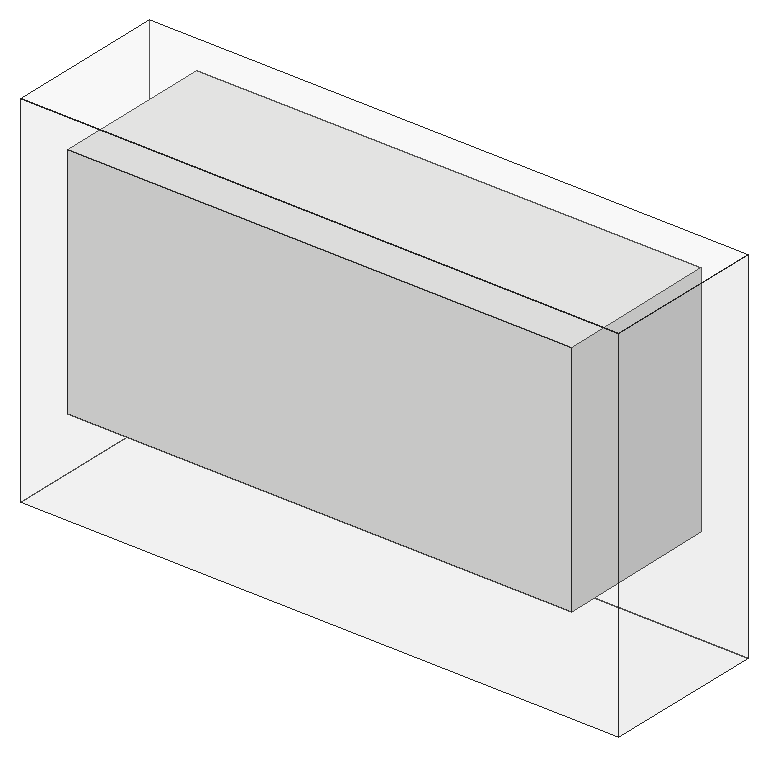
Revit family "vl-10(e)s(r)3-d_60Hz", category 機械設備, Revit 2019
Family settings
  丸型コネクタ寸法 = 直径を使用
  パーツ タイプ = 標準
  OmniClass 番号 = 23.75.35.17.27
  OmniClass タイトル = Centrifugal Fans
  作業面ベース = いいえ
  常に垂直 = はい
  ロード時にボイドで切り取り = いいえ
  共有 = いいえ
  部屋計算ポイント = いいえ
Parameters (values of type "VL-10ES3-D")
  騒音レベル(dB(A)) [instance] = 37.5
  風量 [instance] = 47.0 m³/h
  電源種別 [instance] = ""
  電圧 = 100 V
  電動機出力 = 0 W
  電動機_種別 [instance] = ""
  運転質量 = 0.00 kg
  連動 [instance] = ""
  質量 = if(製品質量 > 運転質量, 製品質量, 運転質量) * 1.2  # 6.00 kg
  負荷分類 = 3_ファン類
  説明 = "換気空清機ロスナイ 寒冷地仕様 壁掛1パイプ取付タイプ"
  設計風量 [instance] = 0.0 m³/h
  設置方法 = "壁付"
  記号 [instance] = ""
  製造元 = "三菱電機株式会社"
  製品質量 = 5.00 kg
  製品出荷対象 = "国内"
  製品リリース年月 = "2019年5月16日"
  製品グループ = ""
  系統 [instance] = ""
  符号 [instance] = ""
  積算_科目 = "2 換気設備"
  積算_拾い区分 [instance] = ""
  相 = 1
  盤記号 [instance] = ""
  発停方法 [instance] = ""
  特殊仕様 [instance] = ""
  温度交換効率 = 65.00%
  メンテナンススペース = yes
  火災停止 [instance] = ""
  消費電力 = 22.5 W
  法定耐用年数 = "15"
  機外静圧 [instance] = 0.0 Pa
  極数 = 2
  材質 [instance] = ""
  操作・制御方式 = ""
  操作・制御スイッチ = ""
  排気量 [instance] = 0.0 m³/h
  形式 = ""
  幹線記号 [instance] = ""
  対象室 [instance] = ""
  実風量 [instance] = 0.0 m³/h
  始動方式 [instance] = "直入"
  外気量 [instance] = 0.0 m³/h
  呼称 = ""
  周波数 = 60 Hz
  参照している仕様書等のバージョン = ""
  分類コード = "50052504100030"
  分類グループ = ""
  価格 = 46900
  企業コード = "108420"
  付属品_防振装置 = ""
  付属品 [instance] = ""
  仕様書バージョン = "Version1.0"
  モデル = "VL-10ES3-D"
  マテリアル = 合成樹脂(白)
  ファンの種類 = ""
  ダクト径 = 100 mm
  コメント [instance] = ""
  Keynote = ""
  Width = 522 mm
  W2 = if(Width / 2 < Depth, Width / 2, Depth)  # 168 mm
  W1 = 57 mm
  Version = ""
  Uniclass2015Version = "Systems v1.9"
  Uniclass2015Title = "Twin centrifugal fans"
  Uniclass2015Code = "Pr_65_67_29_89"
  URL = "https://www.mitsubishielectric.co.jp/ldg/wink/ssl/displayProduct.do?pid=300973"
  SpecificationReference = ""
  SpecificationDescription = ""
  SAサイズ_D = 114 mm
  Revision = ""
  ProductInformation = ""
  OmniClassCode = "23-33 31 19 13 13"
  MIN風量 = 26.0 m³/h
  MIN静圧 = 0.0 Pa
  MID風量 = 0.0 m³/h
  MID静圧 = 0.0 Pa
  MAX風量 = 47.0 m³/h
  MAX静圧 = 0.0 Pa
  IfcTypeProduct = ""
  IfcProduct = ""
  IfcExportType = "CENTRIFUGALBACKWARDINCLINEDCURVED"
  IfcExportAs = "IfcFanType"
  Height = 245 mm
  H1 = 40.5 mm
  EAサイズ_D = 114 mm
  Depth = 168 mm
  D1 = 28 mm
  Clearance Top = 30 mm
  Clearance Right = 49 mm
  Clearance Left = 49 mm
  Clearance Front = 0 mm
  Clearance Bottom = 100 mm
  Clearance Back = 0 mm
  Author = "三菱電機株式会社"
Types (3, lengths in mm): name | 消費電力 | 価格 | モデル | URL
  VL-10S3-D | 22.5 W | 42100 | "VL-10S3-D" | "https://www.mitsubishielectric.co.jp/ldg/wink/ssl/displayProduct.do?pid=300976"
  VL-10ES3-D | 22.5 W | 46900 | "VL-10ES3-D" | "https://www.mitsubishielectric.co.jp/ldg/wink/ssl/displayProduct.do?pid=300973"
  VL-10SR3-D | 23.5 W | 58900 | "VL-10SR3-D" | "https://www.mitsubishielectric.co.jp/ldg/wink/ssl/displayProduct.do?pid=300979"
Reference planes
  plane 1 "中心(正面/背面)": y = 0
  plane 2: z = 0
  plane 3 "中心(左/右)": x = 0
  plane 4: x = 310
  plane 5: y = 0
  plane 6: y = -168
  plane 7: x = -261
  plane 8: x = 261
  plane 9: y = -168
  plane 10: z = 152.5
  plane 11: z = -122.5
  plane 12: x = -310
  plane 13: z = -222.5
  plane 14: y = -84
  plane 15: z = 122.5
  plane 16: y = 28
  plane 17: z = -40.5
  plane 18: x = -130.5
  plane 19: x = 130.5
  plane 20: through (4267.2, -27.218, -39.548) normal (0, 0.0349, 0.9994)
Forms (mm)
  Extrusion 1, solid, material "合成樹脂(白)" <- "マテリアル", detail levels fine
    sketch origin (0, 0, 0) x (1, 0, 0) y (0, 1, 0)
      loop
        line (-261, 0) -> (-261, -168) -> (261, -168) -> (261, 0) -> (-261, 0)
    from -122.5 to 122.5
  Revolve 2, solid, material "合成樹脂(白)" <- "マテリアル", detail levels fine
    sketch origin (0, 0, 0) x (0, 1, 0) y (0, 0, 1)
      loop
        line (-4.86, -40.33) -> (-6.849, -97.296) -> (28, -98.513) -> (29.989, -41.547) -> (-4.86, -40.33)
      axis (-4.86, -40.33) -> (29.989, -41.547)
    angle from 0 to 360
Cuts and joins
  joined: Extrusion 1, Revolve 2
Lines and regions (mm)
  Masking region 1, detail levels coarse+medium
    outline origin (2279.921, -68.194, 0) x (1, 0, 0) y (0, 1, 0)
      loop
        line (-2540.921, 68.194) -> (-2540.921, -99.806) -> (-2018.921, -99.806) -> (-2018.921, 68.194) -> (-2540.921, 68.194)
  symbolic lines, detail levels coarse+medium
    curve 1: circle (130.5, -84, 0) r 84 normal (0, 0, 1)
    curve 2: circle (-130.5, -84, 0) r 84 normal (0, 0, 1)
Dimensions and locks
  equal spacing: plane 7, plane 3 "中心(左/右)", plane 8
  "Width": plane 7 to plane 8
  "Clearance Left": plane 12 to plane 7
  "Depth": plane 1 "中心(正面/背面)" to plane 9
  "Clearance Front": plane 9 to plane 6
  "Clearance Back": plane 5 to plane 1 "中心(正面/背面)"
  "Clearance Right": plane 8 to plane 4
  "Clearance Bottom": plane 11 to plane 13
  equal spacing: plane 1 "中心(正面/背面)", plane 14, plane 9
  "Height": plane 15 to plane 11
  "Clearance Top": plane 10 to plane 15
  equal spacing: plane 15, level, plane 11
  "D1": plane 16 to plane 1 "中心(正面/背面)"
  "H1": level to plane 17
  "W1": Revolve 2 sketch curve to Revolve 2 sketch curve
  equal spacing: plane 7, plane 18, plane 3 "中心(左/右)"
  equal spacing: plane 3 "中心(左/右)", plane 19, plane 8
  "W2": diameter of curve 2
  "W2": diameter of curve 1
  aligned and locked: level to plane 2
  aligned and locked: plane 8 to Extrusion 1
  aligned and locked: Extrusion 1 to plane 9
  aligned and locked: Extrusion 1 to plane 7
  aligned and locked: Extrusion 1 to plane 11
  aligned and locked: Extrusion 1 to plane 1 "中心(正面/背面)"
  aligned and locked: plane 15 to Extrusion 1
  aligned and locked: nested 1 to plane 6
  aligned and locked: nested 1 to plane 5
  aligned and locked: plane 12 to nested 1
  aligned and locked: plane 4 to nested 1
  aligned and locked: plane 13 to nested 1
  aligned and locked: plane 10 to nested 1
  aligned and locked: plane 17 to Revolve 2 sketch curve
  aligned and locked: Masking region 1 to plane 7
  aligned and locked: plane 8 to Masking region 1
  aligned and locked: Masking region 1 to plane 1 "中心(正面/背面)"
  aligned and locked: Masking region 1 to plane 9
Automatic sketch dimensions
  Extrusion 1 sketch curve to plane 3 "中心(左/右)" = 261 mm
  plane 3 "中心(左/右)" to Extrusion 1 sketch curve = 261 mm
  plane 1 "中心(正面/背面)" to Extrusion 1 sketch curve = 168 mm
  Extrusion 1 sketch curve to plane 1 "中心(正面/背面)" = 0 mm
  Masking region 1 sketch curve to plane 4 = 571 mm
  Masking region 1 sketch curve to Masking region 1 sketch curve = 522 mm
  plane 6 to Masking region 1 sketch curve = 0 mm
  plane 14 to Masking region 1 sketch curve = 84 mm
  curve 2 to plane 14 = 0 mm
  curve 2 to plane 18 = 0 mm
  curve 1 to plane 14 = 0 mm
  curve 1 to plane 19 = 0 mm
  Revolve 2 sketch curve to plane 1 "中心(正面/背面)" = 0 mm
  Revolve 2 sketch curve to plane 16 = 0 mm
  plane 16 to Revolve 2 sketch curve = 1.989 mm
  Revolve 2 sketch curve to plane 17 = 1.047 mm  (x2)
  plane 17 to Revolve 2 sketch curve = 0.17 mm
Nested families
  nested 1: "メンテナンススペース" at (0, -84, -35), visible <- "メンテナンススペース", type "メンテナンススペース"
    with Width 620 mm, Height 375 mm, Depth 168 mm
Connectors
  electrical at (0, 0, 0), driven by "極数", driven by "電圧", driven by "消費電力"
    settings: on Extrusion 1, index 1, voltage 100 V, apparent load 22.5 VA, apparent load phase1 0 VA, apparent load phase2 0 VA, apparent load phase3 0 VA, power factor 1, load classification "その他", number of poles 2, system type 30, power factor state 1, is connector primary yes, connector utility no, sub classification motor no, connector description ""
  hvac at (0, 29.989, -41.547), driven by "ダクト径"
    settings: on cut or joined group of Extrusion 1, Revolve 2, index 2, duct flow 0.0 m³/h, flow factor 0, pres drop 0.0 Pa, loss coef 0, conn angle 0.00°, conn width 304.8 mm, conn height 304.8 mm, conn diameter 100 mm, duct sys type 1, conn prof type 0, flow config 0, flow direction 0, loss method 0, conn ref index -1, conn util no, is conn primary yes, conn desc ""
Definition of nested family "メンテナンススペース"
  Parameters (values of type "メンテナンススペース")
    Width [instance] = 500 mm
    Height [instance] = 500 mm
    Depth [instance] = 500 mm
  Reference planes
    plane 1 "中心(正面/背面)": y = 0
    plane 2: z = 0
    plane 3 "中心(左/右)": x = 0
    plane 4: y = -250
    plane 5: x = 250
    plane 6: y = 250
    plane 7: x = -250
    plane 8: z = 250
    plane 9: z = -250
  Forms (mm)
    Extrusion 1, solid
      sketch origin (-638.939, 0, 72.39) x (1, 0, 0) y (0, 1, 0)
        loop
          line (388.939, 250) -> (388.939, -250) -> (888.939, -250) -> (888.939, 250) -> (388.939, 250)
      from -322.39 to 177.61
  Lines and regions (mm)
    symbolic lines
      curve 1: line (-250, 0, 250) -> (250, 0, 250)
      curve 2: line (-250, 0, -250) -> (-250, 0, 250)
      curve 3: line (250, 0, -250) -> (-250, 0, -250)
      curve 4: line (250, 0, 250) -> (250, 0, -250)
      curve 5: line (0, -250, 250) -> (0, 250, 250)
      curve 6: line (0, -250, -250) -> (0, -250, 250)
      curve 7: line (0, 250, -250) -> (0, -250, -250)
      curve 8: line (0, 250, 250) -> (0, 250, -250)
      curve 9: line (-250, 250, 0) -> (250, 250, 0)
      curve 10: line (-250, -250, 0) -> (-250, 250, 0)
      curve 11: line (250, -250, 0) -> (-250, -250, 0)
      curve 12: line (250, 250, 0) -> (250, -250, 0)
  Dimensions and locks
    equal spacing: plane 7, plane 3 "中心(左/右)", plane 5
    equal spacing: plane 4, plane 1 "中心(正面/背面)", plane 6
    "Depth": plane 4 to plane 6
    "Width": plane 7 to plane 5
    equal spacing: plane 8, plane 2, plane 9
    "Height": plane 8 to plane 9
    aligned and locked: plane 9 to curve 3
    aligned and locked: plane 7 to curve 2
    aligned and locked: curve 4 to plane 5
    aligned and locked: plane 5 to Extrusion 1
    aligned and locked: Extrusion 1 to plane 7
    aligned and locked: Extrusion 1 to plane 9
    aligned and locked: plane 8 to Extrusion 1
    aligned and locked: plane 9 to curve 7
  Automatic sketch dimensions
    plane 4 to Extrusion 1 sketch curve = 0 mm
    Extrusion 1 sketch curve to plane 7 = 0 mm
    Extrusion 1 sketch curve to plane 5 = 0 mm
    plane 6 to Extrusion 1 sketch curve = 0 mm
    curve 2 to plane 8 = 0 mm
    plane 4 to curve 11 = 0 mm
    curve 11 to plane 7 = 0 mm
    curve 11 to plane 5 = 0 mm
    plane 6 to curve 10 = 0 mm
    curve 7 to plane 4 = 0 mm
    curve 7 to plane 6 = 0 mm
    curve 6 to plane 8 = 0 mm
